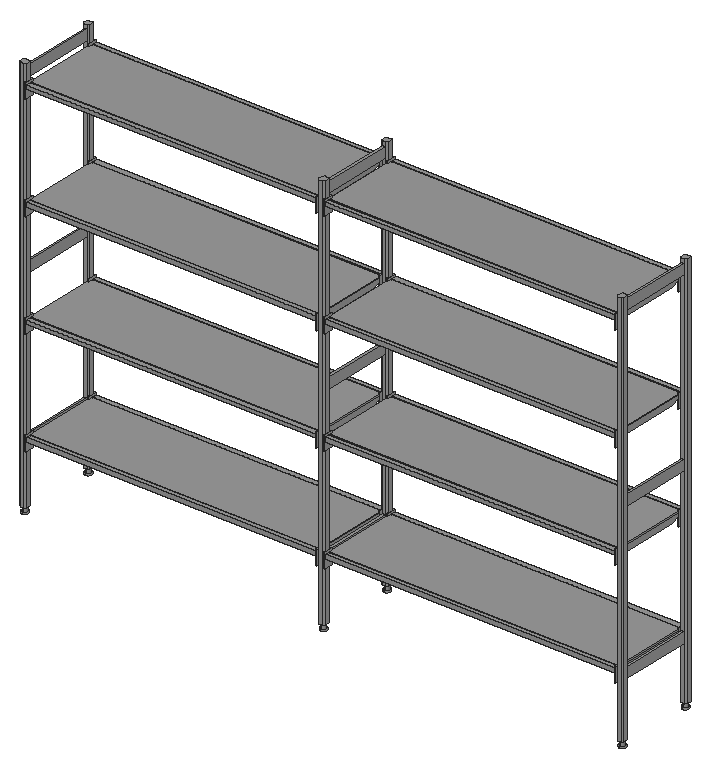
Revit family "QF_ELECTROLUXPROFESSIONAL_137027_ALS2580", category Attrezzature speciali, Revit 2020
Family settings
  Quota connettore circolare = Usa diametro
  Tipo di parte = Normale
  Basato su piano di lavoro = No
  Sempre verticale = Sì
  Taglio con vuoti quando caricato = No
  Condiviso = No
  Punto di calcolo locali = No
Parameters (values of type "Standard")
  Weight = 41.00 kg
  Watts = 0 W
  Volts = 0 V
  URL Manufacturer = "https://www.electroluxprofessional.com/"
  URL = "https://www.electroluxprofessional.com/"
  Steam Supply Size = 0 mm
  Steam Supply Minimum Pressure = 0.0 Pa
  Steam Supply Maximum Pressure = 0.0 Pa
  Steam Consumption per Hour = 0
  Refrigeration Suction Line Size = 0.0 mm
  Refrigeration Liquid Line Size = 0.0 mm
  Refrigerant Compressor Remote = yes
  Prospetto di default = 0.0 mm
  Phase = 0
  Modello = "ALS2580"
  Produttore = "Electrolux Professional"
  Length Actual = 2580.0 mm  # constant formula
  Item Number = "137027"
  Hot Water Size = 0 mm
  Height Actual = 1700.0 mm  # constant formula
  HP = "0 HP"
  Gas Size = 0 mm
  Gas KW = 0
  Gas Input Pressure = 0 W
  Direct Waste Size = 0 mm
  Descrizione = "ALUM.LINEAR SHELV.-POLY.TIERS-373X2580MM"
  Depth Actual = 373.0 mm  # constant formula
  Cycle = 0 Hz
  Condensate Return Size = 0 mm
  Compressed Air Volume = 0.0 L/s
  Compressed Air Size = 0 mm
  Compressed Air Pressure = 0.0 Pa
  Cold Water Size = 0 mm
  Accessory = yes
Reference planes
  plane 1: z = 0
  plane 2 "CenterLeft": x = -31
  plane 3 "LEFT": x = -417
  plane 4 "BACK": y = 23
  plane 5 "FRONT": y = -350
  plane 6 "TOP": z = 1700
  plane 7: x = -385
  plane 8: x = 855
  plane 9 "Center (Front/Back)": y = -163.5
  plane 10: y = -8.5
  plane 11: y = -318.5
  plane 12 "FEET": z = 25
  plane 13: z = 275
  plane 14: z = 725
  plane 15: z = 1175
  plane 16: z = 1625
  plane 17 "CXLeft": x = -403
  plane 18 "Center (Left/Right)": x = 873
  plane 19: y = 5.5
  plane 20 "CYBack": y = 5.5
  plane 21 "CYFront": y = -332.5
  plane 22 "RIGHT": x = 2163
  plane 23: x = 2131
  plane 24 "CXRight": x = 2149
  plane 25: x = 891
Forms (mm)
  Extrusion 1, solid, material "QF_Aluminum"
    sketch origin (-417, 0, -4.006) x (0, 1, 0) y (0, 0, 1)
      loop
        line (-12, 1637.003) -> (4, 1637.003) -> (4, 1655) -> (2.007, 1655) -> (2.007, 1648.501) -> (-329, 1648.501) -> (-329, 1655) -> (-331, 1655) -> (-331, 1637.003) -> (-315, 1637.003) -> (-281, 1625) -> (-46, 1625) -> (-12, 1637.003)
      loop
        line (-12, 1187.003) -> (4, 1187.003) -> (4, 1205) -> (2.007, 1205) -> (2.007, 1198.501) -> (-329, 1198.501) -> (-329, 1205) -> (-331, 1205) -> (-331, 1187.003) -> (-315, 1187.003) -> (-281, 1175) -> (-46, 1175) -> (-12, 1187.003)
      loop
        line (-12, 737.003) -> (4, 737.003) -> (4, 755) -> (2.007, 755) -> (2.007, 748.501) -> (-329, 748.501) -> (-329, 755) -> (-331, 755) -> (-331, 737.003) -> (-315, 737.003) -> (-281, 725) -> (-46, 725) -> (-12, 737.003)
      loop
        line (-12, 287.003) -> (4, 287.003) -> (4, 305) -> (2.007, 305) -> (2.007, 298.501) -> (-329, 298.501) -> (-329, 305) -> (-331, 305) -> (-331, 287.003) -> (-315, 287.003) -> (-281, 275) -> (-46, 275) -> (-12, 287.003)
    from 37 to 32
  Extrusion 2, solid, material "QF_Aluminum"
    sketch origin (-417, 0, 0) x (0, 1, 0) y (0, 0, 1)
      loop
        line (23, 246.005) -> (23, 307.993) -> (-12.993, 307.993) -> (-12.993, 246.005) -> (23, 246.005)
      loop
        line (-350, 246.005) -> (-314.007, 246.005) -> (-314.007, 307.993) -> (-350, 307.993) -> (-350, 246.005)
      loop
        line (23, 696.005) -> (23, 757.993) -> (-12.993, 757.993) -> (-12.993, 696.005) -> (23, 696.005)
      loop
        line (-350, 696.005) -> (-314.007, 696.005) -> (-314.007, 757.993) -> (-350, 757.993) -> (-350, 696.005)
      loop
        line (23, 1146.005) -> (23, 1207.993) -> (-12.993, 1207.993) -> (-12.993, 1146.005) -> (23, 1146.005)
      loop
        line (-350, 1146.005) -> (-314.007, 1146.005) -> (-314.007, 1207.993) -> (-350, 1207.993) -> (-350, 1146.005)
      loop
        line (23, 1596.005) -> (23, 1657.993) -> (-12.993, 1657.993) -> (-12.993, 1596.005) -> (23, 1596.005)
      loop
        line (-350, 1596.005) -> (-314.007, 1596.005) -> (-314.007, 1657.993) -> (-350, 1657.993) -> (-350, 1596.005)
    from 28 to 32
  Extrusion 3, solid, material "QF_Aluminum"
    sketch origin (-417, 0, 0) x (0, 1, 0) y (0, 0, 1)
      loop
        line (4, 1650.994) -> (4, 1632.998) -> (23, 1632.998) -> (23, 1650.994) -> (4, 1650.994)
      loop
        line (-331, 1650.994) -> (-350, 1650.994) -> (-350, 1632.998) -> (-331, 1632.998) -> (-331, 1650.994)
      loop
        line (4, 1200.994) -> (4, 1182.998) -> (23, 1182.998) -> (23, 1200.994) -> (4, 1200.994)
      loop
        line (-331, 1200.994) -> (-350, 1200.994) -> (-350, 1182.998) -> (-331, 1182.998) -> (-331, 1200.994)
      loop
        line (4, 750.994) -> (4, 732.998) -> (23, 732.998) -> (23, 750.994) -> (4, 750.994)
      loop
        line (-331, 750.994) -> (-350, 750.994) -> (-350, 732.998) -> (-331, 732.998) -> (-331, 750.994)
      loop
        line (4, 300.994) -> (4, 282.998) -> (23, 282.998) -> (23, 300.994) -> (4, 300.994)
      loop
        line (-331, 300.994) -> (-350, 300.994) -> (-350, 282.998) -> (-331, 282.998) -> (-331, 300.994)
    from 32 to 1272
  Extrusion 4, solid, material "QF_Polyethylene"
    sketch origin (-417, 0, 0) x (0, 1, 0) y (0, 0, 1)
      loop
        line (2.007, 1650.994) -> (-329, 1650.994) -> (-329, 1644.496) -> (2.007, 1644.496) -> (2.007, 1650.994)
      loop
        line (2.007, 1200.994) -> (-329, 1200.994) -> (-329, 1194.496) -> (2.007, 1194.496) -> (2.007, 1200.994)
      loop
        line (2.007, 750.994) -> (-329, 750.994) -> (-329, 744.496) -> (2.007, 744.496) -> (2.007, 750.994)
      loop
        line (2.007, 300.994) -> (-329, 300.994) -> (-329, 294.496) -> (2.007, 294.496) -> (2.007, 300.994)
    from 32 to 1272
  Extrusion 5, solid, material "QF_Aluminum"
    sketch origin (2163, 0, 0) x (0, 1, 0) y (0, 0, 1)
      loop
        line (4, 1650.994) -> (4, 1632.998) -> (23, 1632.998) -> (23, 1650.994) -> (4, 1650.994)
      loop
        line (-331, 1650.994) -> (-350, 1650.994) -> (-350, 1632.998) -> (-331, 1632.998) -> (-331, 1650.994)
      loop
        line (4, 1200.994) -> (4, 1182.998) -> (23, 1182.998) -> (23, 1200.994) -> (4, 1200.994)
      loop
        line (-331, 1200.994) -> (-350, 1200.994) -> (-350, 1182.998) -> (-331, 1182.998) -> (-331, 1200.994)
      loop
        line (4, 750.994) -> (4, 732.998) -> (23, 732.998) -> (23, 750.994) -> (4, 750.994)
      loop
        line (-331, 750.994) -> (-350, 750.994) -> (-350, 732.998) -> (-331, 732.998) -> (-331, 750.994)
      loop
        line (4, 300.994) -> (4, 282.998) -> (23, 282.998) -> (23, 300.994) -> (4, 300.994)
      loop
        line (-331, 300.994) -> (-350, 300.994) -> (-350, 282.998) -> (-331, 282.998) -> (-331, 300.994)
    from -32 to -1272
  Extrusion 6, solid, material "QF_Polyethylene"
    sketch origin (2163, 0, 0) x (0, 1, 0) y (0, 0, 1)
      loop
        line (2.007, 1650.994) -> (-329, 1650.994) -> (-329, 1644.496) -> (2.007, 1644.496) -> (2.007, 1650.994)
      loop
        line (2.007, 1200.994) -> (-329, 1200.994) -> (-329, 1194.496) -> (2.007, 1194.496) -> (2.007, 1200.994)
      loop
        line (2.007, 750.994) -> (-329, 750.994) -> (-329, 744.496) -> (2.007, 744.496) -> (2.007, 750.994)
      loop
        line (2.007, 300.994) -> (-329, 300.994) -> (-329, 294.496) -> (2.007, 294.496) -> (2.007, 300.994)
    from -32 to -1272
Lines and regions (mm)
  symbolic lines
    curve 1: line (855, 4, 1700) -> (-385, 4, 1700)
    curve 2: line (-408, -8.5, 1700) -> (-408, -318.5, 1700)
    curve 3: line (-398, -318.5, 1700) -> (-398, -8.5, 1700)
    curve 4: line (-389, 23, 1700) -> (859, 23, 1700)
    curve 5: line (-385, -350, 1700) -> (855, -350, 1700)
    curve 6: line (887, 23, 1700) -> (2135, 23, 1700)
    curve 7: line (887, -350, 1700) -> (2135, -350, 1700)
    curve 8: line (-385, -331, 1700) -> (855, -331, 1700)
    curve 9: line (891, -331, 1700) -> (2131, -331, 1700)
    curve 10: line (891, 4, 1700) -> (2131, 4, 1700)
    curve 11: line (2131, -12.993, 1700) -> (2131, -314.007, 1700)
    curve 12: line (855, -12.993, 1700) -> (855, -314.007, 1700)
    curve 13: line (891, -314.007, 1700) -> (891, -12.993, 1700)
    curve 14: line (-385, -12.993, 1700) -> (-385, -314.007, 1700)
Dimensions and locks
  plane 3 "LEFT" to plane 2 "CenterLeft" = 386.0 mm
  locked: plane 6 "TOP" to level at 1700
  locked: plane 4 "BACK" to plane 5 "FRONT" at 373
  locked: plane 7 to plane 8 at 1240
  locked: plane 10 to plane 11 at 310
  equal spacing: plane 10, plane 9 "Center (Front/Back)", plane 11
  equal spacing: plane 4 "BACK", plane 9 "Center (Front/Back)", plane 5 "FRONT"
  plane 12 "FEET" to level = 25.0 mm
  plane 6 "TOP" to plane 12 "FEET" = 1675.0 mm
  plane 13 to plane 12 "FEET" = 250.0 mm
  plane 14 to plane 13 = 450.0 mm
  plane 15 to plane 14 = 450.0 mm
  plane 16 to plane 15 = 450.0 mm
  locked: plane 4 "BACK" to plane 20 "CYBack" at 17.5
  locked: plane 21 "CYFront" to plane 5 "FRONT" at 17.5
  locked: plane 4 "BACK" to Extrusion 1 at 19
  locked: Extrusion 1 to plane 5 "FRONT" at 19
  Extrusion 1 sketch curve to plane 21 "CYFront" = 3.5 mm
  plane 3 "LEFT" to plane 22 "RIGHT" = 2580.0 mm
  locked: plane 25 to plane 23 at 1240
  locked: plane 8 to plane 18 "Center (Left/Right)" at 18
  locked: plane 18 "Center (Left/Right)" to plane 25 at 18
  locked: plane 3 "LEFT" to plane 7 at 32
  locked: plane 24 "CXRight" to plane 22 "RIGHT" at 14
  aligned and locked: level to plane 1
  aligned and locked: plane 7 to Extrusion 1
  aligned and locked: Extrusion 2 to plane 7
  aligned and locked: plane 7 to Extrusion 4
  aligned and locked: Extrusion 4 to plane 8
  aligned and locked: plane 7 to Extrusion 3
  aligned and locked: Extrusion 3 to plane 8
  aligned and locked: Extrusion 3 sketch curve to Extrusion 1
  aligned and locked: Extrusion 1 to Extrusion 3 sketch curve
  aligned and locked: Extrusion 3 sketch curve to Extrusion 3 sketch curve  (x2)
  aligned and locked: Extrusion 1 sketch curve to Extrusion 1 sketch curve  (x3)
  aligned and locked: Extrusion 4 sketch curve to Extrusion 1  (x4)
  aligned and locked: Extrusion 5 sketch curve to Extrusion 5 sketch curve  (x2)
  aligned and locked: Extrusion 5 to plane 25
  aligned and locked: Extrusion 6 to plane 25
  aligned and locked: plane 18 "Center (Left/Right)" to nested 3
  aligned and locked: plane 17 "CXLeft" to nested 1
  aligned and locked: Extrusion 3 to plane 7  (x3)
  aligned and locked: plane 8 to Extrusion 3  (x4)
  aligned and locked: plane 25 to Extrusion 5  (x4)
  aligned and locked: plane 25 to Extrusion 6  (x4)
  aligned and locked: plane 8 to Extrusion 4  (x4)
  aligned and locked: plane 24 "CXRight" to nested 2
  aligned and locked: Extrusion 5 to plane 23
  aligned and locked: Extrusion 6 to plane 23
  aligned and locked: plane 23 to Extrusion 5  (x3)
  aligned and locked: plane 23 to Extrusion 6  (x3)
Automatic sketch dimensions
  plane 21 "CYFront" to Extrusion 1 sketch curve = 1.5 mm  (x4)
  plane 11 to Extrusion 1 sketch curve = 3.5 mm  (x4)
  Extrusion 1 sketch curve to plane 13 = 4.006 mm
  Extrusion 1 sketch curve to Extrusion 1 sketch curve = 34.0 mm  (x4)
  Extrusion 1 sketch curve to plane 14 = 4.006 mm
  Extrusion 1 sketch curve to plane 15 = 4.006 mm
  Extrusion 1 sketch curve to plane 16 = 4.006 mm
  Extrusion 1 sketch curve to plane 10 = 37.5 mm  (x4)
  Extrusion 1 sketch curve to plane 10 = 3.5 mm  (x4)
  plane 19 to Extrusion 1 sketch curve = 3.493 mm  (x4)
  plane 19 to Extrusion 1 sketch curve = 1.5 mm  (x4)
  plane 13 to Extrusion 1 sketch curve = 7.998 mm  (x2)
  Extrusion 1 sketch curve to Extrusion 1 sketch curve = 11.498 mm  (x4)
  Extrusion 1 sketch curve to Extrusion 1 sketch curve = 6.499 mm  (x8)
  plane 14 to Extrusion 1 sketch curve = 7.998 mm  (x2)
  plane 15 to Extrusion 1 sketch curve = 7.998 mm  (x2)
  plane 16 to Extrusion 1 sketch curve = 7.998 mm  (x2)
  Extrusion 2 sketch curve to plane 5 "FRONT" = 0.0 mm  (x4)
  Extrusion 2 sketch curve to plane 4 "BACK" = 0.0 mm  (x4)
  plane 11 to Extrusion 2 sketch curve = 4.493 mm  (x4)
  Extrusion 2 sketch curve to plane 10 = 4.493 mm  (x4)
  Extrusion 2 sketch curve to plane 13 = 28.995 mm  (x2)
  plane 13 to Extrusion 2 sketch curve = 32.993 mm  (x2)
  Extrusion 2 sketch curve to plane 14 = 28.995 mm  (x2)
  plane 14 to Extrusion 2 sketch curve = 32.993 mm  (x2)
  Extrusion 2 sketch curve to plane 15 = 28.995 mm  (x2)
  plane 15 to Extrusion 2 sketch curve = 32.993 mm  (x2)
  Extrusion 2 sketch curve to plane 16 = 28.995 mm  (x2)
  plane 16 to Extrusion 2 sketch curve = 32.993 mm  (x2)
  Extrusion 3 sketch curve to plane 5 "FRONT" = 0.0 mm  (x4)
  Extrusion 3 sketch curve to plane 4 "BACK" = 0.0 mm  (x4)
  plane 19 to Extrusion 3 sketch curve = 1.5 mm  (x4)
  plane 13 to Extrusion 3 sketch curve = 7.998 mm  (x2)
  Extrusion 3 sketch curve to Extrusion 3 sketch curve = 17.997 mm  (x8)
  plane 14 to Extrusion 3 sketch curve = 7.998 mm  (x2)
  plane 15 to Extrusion 3 sketch curve = 7.998 mm  (x2)
  plane 16 to Extrusion 3 sketch curve = 7.998 mm  (x2)
  plane 19 to Extrusion 4 sketch curve = 3.493 mm  (x4)
  plane 13 to Extrusion 4 sketch curve = 19.496 mm
  Extrusion 4 sketch curve to Extrusion 4 sketch curve = 6.499 mm  (x4)
  plane 14 to Extrusion 4 sketch curve = 19.496 mm
  plane 15 to Extrusion 4 sketch curve = 19.496 mm
  plane 16 to Extrusion 4 sketch curve = 19.496 mm
  Extrusion 5 sketch curve to plane 5 "FRONT" = 0.0 mm  (x4)
  Extrusion 5 sketch curve to plane 4 "BACK" = 0.0 mm  (x4)
  plane 21 "CYFront" to Extrusion 5 sketch curve = 1.5 mm  (x2)
  plane 19 to Extrusion 5 sketch curve = 1.5 mm  (x4)
  plane 13 to Extrusion 5 sketch curve = 7.998 mm  (x2)
  Extrusion 5 sketch curve to Extrusion 5 sketch curve = 17.997 mm  (x8)
  plane 14 to Extrusion 5 sketch curve = 7.998 mm  (x2)
  plane 15 to Extrusion 5 sketch curve = 7.998 mm  (x2)
  plane 16 to Extrusion 5 sketch curve = 7.998 mm  (x2)
  plane 21 "CYFront" to Extrusion 6 sketch curve = 3.5 mm  (x4)
  plane 19 to Extrusion 6 sketch curve = 3.493 mm  (x4)
  plane 13 to Extrusion 6 sketch curve = 19.496 mm
  Extrusion 6 sketch curve to Extrusion 6 sketch curve = 6.499 mm  (x4)
  plane 14 to Extrusion 6 sketch curve = 19.496 mm
  plane 15 to Extrusion 6 sketch curve = 19.496 mm
  plane 16 to Extrusion 6 sketch curve = 19.496 mm
  curve 7 to plane 5 "FRONT" = 0.0 mm
  curve 5 to plane 5 "FRONT" = 0.0 mm
  curve 8 to plane 8 = 0.0 mm
  curve 9 to plane 25 = 0.0 mm
  curve 9 to plane 23 = 0.0 mm
  curve 8 to plane 7 = 0.0 mm
  curve 2 to plane 11 = 0.0 mm
  curve 3 to plane 11 = 0.0 mm
  curve 14 to plane 7 = 0.0 mm
  curve 13 to plane 25 = 0.0 mm
  curve 12 to plane 8 = 0.0 mm
  curve 11 to plane 23 = 0.0 mm
  curve 3 to plane 10 = 0.0 mm
  curve 2 to plane 10 = 0.0 mm
  curve 1 to plane 8 = 0.0 mm
  curve 1 to plane 7 = 0.0 mm
  curve 10 to plane 23 = 0.0 mm
  curve 10 to plane 25 = 0.0 mm
  curve 4 to plane 4 "BACK" = 0.0 mm
  curve 6 to plane 4 "BACK" = 0.0 mm
  curve 5 to plane 8 = 0.0 mm
  curve 5 to plane 7 = 0.0 mm
  plane 21 "CYFront" to curve 8 = 1.5 mm
  plane 21 "CYFront" to curve 9 = 1.5 mm
  plane 11 to curve 14 = 4.493 mm
  plane 11 to curve 13 = 4.493 mm
  plane 11 to curve 12 = 4.493 mm
  plane 11 to curve 11 = 4.493 mm
  curve 14 to plane 10 = 4.493 mm
  curve 13 to plane 10 = 4.493 mm
  curve 12 to plane 10 = 4.493 mm
  curve 11 to plane 10 = 4.493 mm
  plane 19 to curve 1 = 1.5 mm
  plane 19 to curve 10 = 1.5 mm
  curve 6 to plane 23 = 4.0 mm
  curve 7 to plane 23 = 4.0 mm
  curve 6 to plane 25 = 4.0 mm
  curve 7 to plane 25 = 4.0 mm
  curve 4 to plane 8 = 4.0 mm
  plane 7 to curve 4 = 4.0 mm
  plane 17 "CXLeft" to curve 3 = 5.0 mm
  curve 2 to plane 17 "CXLeft" = 5.0 mm
Nested families
  nested 1: "WT_Anta373" at (0, 0, 0), type "WT_Anta373"
  nested 2: "WT_Anta373" at (1746, 0, 0) x (-1, 0, 0) z (0, 0, 1), type "WT_Anta373"
  nested 3: "WT_Anta373Center" at (1276, 0, 0), type "WT_Anta373Center"
Definition of nested family "WT_Anta373"
  Parameters
    WidthLeft = A + 64.0 mm  # 772.0 mm
    Width = 1606.0 mm
    Right = WidthLeft / 2  # 386.0 mm
    Default Elevation = 0.0 mm
    Left = -WidthLeft / 2  # -386.0 mm
    Height = 1725.0 mm
    FEET = 25.0 mm
    E = 0.0 mm
    Dint = Depth - 63.0 mm  # 310.0 mm
    Dext = Depth - 8.0 mm  # 365.0 mm
    Depth = 373.0 mm
    DX = (WidthLeft - A) / 2  # 32.0 mm
    B = 798.0 mm
    A = 708.0 mm
  Reference planes
    plane 1: z = 0
    plane 2 "LEFT": x = -417
    plane 3 "BACK": y = 23
    plane 4 "FRONT": y = -350
    plane 5 "TOP": z = 1725
    plane 6 "Center (Front/Back)": y = -163.5
    plane 7: y = -8.5
    plane 8: y = -318.5
    plane 9 "FEET": z = 25
    plane 10: z = 275
    plane 11: z = 725
    plane 12: z = 1175
    plane 13: z = 1625
    plane 14 "CXLeft": x = -403
    plane 15: y = 5.5
    plane 16 "CYBack": y = 5.5
    plane 17 "CYFront": y = -332.5
    plane 18: x = -385.031
    plane 19: x = -380.031
  Forms (mm)
    Extrusion 1, solid
      sketch origin (0, 0, 0) x (1, 0, 0) y (0, 1, 0)
        loop
          line (-417, 13.246) -> (-417, -2.246) -> (-410.746, -8.5) -> (-395.254, -8.5) -> (-389, -2.246) -> (-389, 13.246) -> (-395.254, 19.5) -> (-410.746, 19.5) -> (-417, 13.246)
      from 1725 to 25
    Extrusion 2, solid
      sketch origin (-417, 0, 0) x (0, 1, 0) y (0, 0, 1)
        loop
          line (23, 246.005) -> (23, 307.993) -> (-12.993, 307.993) -> (-12.993, 246.005) -> (23, 246.005)
        loop
          line (-350, 246.005) -> (-314.007, 246.005) -> (-314.007, 307.993) -> (-350, 307.993) -> (-350, 246.005)
        loop
          line (23, 696.005) -> (23, 757.993) -> (-12.993, 757.993) -> (-12.993, 696.005) -> (23, 696.005)
        loop
          line (-350, 696.005) -> (-314.007, 696.005) -> (-314.007, 757.993) -> (-350, 757.993) -> (-350, 696.005)
        loop
          line (23, 1146.005) -> (23, 1207.993) -> (-12.993, 1207.993) -> (-12.993, 1146.005) -> (23, 1146.005)
        loop
          line (-350, 1146.005) -> (-314.007, 1146.005) -> (-314.007, 1207.993) -> (-350, 1207.993) -> (-350, 1146.005)
        loop
          line (23, 1596.005) -> (23, 1657.993) -> (-12.993, 1657.993) -> (-12.993, 1596.005) -> (23, 1596.005)
        loop
          line (-350, 1596.005) -> (-314.007, 1596.005) -> (-314.007, 1657.993) -> (-350, 1657.993) -> (-350, 1596.005)
      from 28 to 32
    Revolve 3, solid
      sketch origin (-403, 0, 0) x (0, 1, 0) y (0, 0, 1)
        loop
          line (5.5, 25) -> (5.5, 0) -> (19, 0) -> (19, 5) -> (14, 5) -> (14, 25) -> (5.5, 25)
        axis (5.5, 25) -> (5.5, 0)
      angle from 0 to 360
    Extrusion 4, solid
      sketch origin (-403, 0, 0) x (0, 1, 0) y (0, 0, 1)
        loop
          line (-8.5, 912.382) -> (-8.5, 957.374) -> (-318.5, 957.374) -> (-318.5, 912.382) -> (-8.5, 912.382)
        loop
          line (-8.5, 1662.244) -> (-8.5, 1707.236) -> (-318.5, 1707.236) -> (-318.5, 1662.244) -> (-8.5, 1662.244)
      from -5 to 5
    Revolve 5, solid
      sketch origin (-403, -627, 0) x (0, -1, 0) y (0, 0, 1)
        loop
          line (-294.5, 25) -> (-294.5, 0) -> (-281, 0) -> (-281, 5) -> (-286, 5) -> (-286, 25) -> (-294.5, 25)
        axis (-294.5, 25) -> (-294.5, 0)
      angle from 0 to 360
    Extrusion 6, solid
      sketch origin (0, -627, 0) x (1, 0, 0) y (0, 1, 0)
        loop
          line (-417, 286.754) -> (-410.746, 280.5) -> (-395.254, 280.5) -> (-389, 286.754) -> (-389, 302.246) -> (-395.254, 308.5) -> (-410.746, 308.5) -> (-417, 302.246) -> (-417, 286.754)
      from 1725 to 25
    Extrusion 7, solid
      sketch origin (-417.031, -0.022, 0) x (0, 1, 0) y (0, 0, -1)
        loop
          line (-12, -1632.998) -> (-46, -1620.994) -> (-281, -1620.994) -> (-315, -1632.998) -> (-331, -1632.998) -> (-331, -1650.994) -> (-329, -1650.994) -> (-329, -1644.496) -> (2.007, -1644.496) -> (2.007, -1650.994) -> (4, -1650.994) -> (4, -1632.998) -> (-12, -1632.998)
        loop
          line (-12, -1182.998) -> (-46, -1170.994) -> (-281, -1170.994) -> (-315, -1182.998) -> (-331, -1182.998) -> (-331, -1200.994) -> (-329, -1200.994) -> (-329, -1194.496) -> (2.007, -1194.496) -> (2.007, -1200.994) -> (4, -1200.994) -> (4, -1182.998) -> (-12, -1182.998)
        loop
          line (-12, -732.998) -> (-46, -720.994) -> (-281, -720.994) -> (-315, -732.998) -> (-331, -732.998) -> (-331, -750.994) -> (-329, -750.994) -> (-329, -744.496) -> (2.007, -744.496) -> (2.007, -750.994) -> (4, -750.994) -> (4, -732.998) -> (-12, -732.998)
        loop
          line (-12, -282.998) -> (-46, -270.994) -> (-281, -270.994) -> (-315, -282.998) -> (-331, -282.998) -> (-331, -300.994) -> (-329, -300.994) -> (-329, -294.496) -> (2.007, -294.496) -> (2.007, -300.994) -> (4, -300.994) -> (4, -282.998) -> (-12, -282.998)
      from -32 to -37
    Extrusion 8, solid
      sketch origin (-403, 0, -659.878) x (0, 1, 0) y (0, 0, 1)
        loop
          line (-8.5, 912.382) -> (-8.5, 957.374) -> (-318.5, 957.374) -> (-318.5, 912.382) -> (-8.5, 912.382)
        loop
          line (-8.5, 1572.382) -> (-8.5, 1617.374) -> (-318.5, 1617.374) -> (-318.5, 1572.382) -> (-8.5, 1572.382)
        loop
          line (-8.5, 2322.382) -> (-8.5, 2367.374) -> (-318.5, 2367.374) -> (-318.5, 2322.382) -> (-8.5, 2322.382)
      from -5 to 5
  Lines and regions (mm)
    symbolic lines
      curve 1: line (-408, -8.5, 1725) -> (-408, -318.5, 1725)
      curve 2: line (-398, -318.5, 1725) -> (-398, -8.5, 1725)
      curve 3: line (-395.254, -8.5, 1725) -> (-410.746, -8.5, 1725)
      curve 4: line (-417, -2.246, 1725) -> (-410.746, -8.5, 1725)
      curve 5: line (-417, 13.246, 1725) -> (-417, -2.246, 1725)
      curve 6: line (-410.746, 19.5, 1725) -> (-417, 13.246, 1725)
      curve 7: line (-395.254, 19.5, 1725) -> (-410.746, 19.5, 1725)
      curve 8: line (-389, 13.246, 1725) -> (-395.254, 19.5, 1725)
      curve 9: line (-395.254, -8.5, 1725) -> (-389, -2.246, 1725)
      curve 10: line (-395.254, -318.5, 1725) -> (-410.746, -318.5, 1725)
      curve 11: line (-417, -324.754, 1725) -> (-410.746, -318.5, 1725)
      curve 12: line (-410.746, -346.5, 1725) -> (-417, -340.246, 1725)
      curve 13: line (-395.254, -346.5, 1725) -> (-410.746, -346.5, 1725)
      curve 14: line (-389, -340.246, 1725) -> (-395.254, -346.5, 1725)
      curve 15: line (-395.254, -318.5, 1725) -> (-389, -324.754, 1725)
      curve 16: line (-389, -350, 1725) -> (-389, -314.007, 1725)
      curve 17: line (-389, -314.007, 1725) -> (-385, -314.007, 1725)
      curve 18: line (-389, 23, 1725) -> (-389, -12.993, 1725)
      curve 19: line (-389, -12.993, 1725) -> (-385, -12.993, 1725)
      curve 20: line (-417, -324.754, 1725) -> (-417, -340.246, 1725)
      curve 21: line (-385, -350, 1725) -> (-385, -314.007, 1725)
      curve 22: line (-385, -350, 1725) -> (-389, -350, 1725)
      curve 23: line (-385, 23, 1725) -> (-389, 23, 1725)
      curve 24: line (-385, -12.993, 1725) -> (-385, 23, 1725)
      curve 25: line (-385.031, -13.016, 1725) -> (-385.031, -314.029, 1725)
  Dimensions and locks
    "Height": plane 5 "TOP" to level
    "Depth": plane 3 "BACK" to plane 4 "FRONT"
    "Dint": plane 7 to plane 8
    equal spacing: plane 7, plane 6 "Center (Front/Back)", plane 8
    equal spacing: plane 3 "BACK", plane 6 "Center (Front/Back)", plane 4 "FRONT"
    plane 9 "FEET" to level = 25.0 mm
    plane 5 "TOP" to plane 9 "FEET" = 1700.0 mm
    plane 10 to plane 9 "FEET" = 250.0 mm
    plane 11 to plane 10 = 450.0 mm
    plane 12 to plane 11 = 450.0 mm
    plane 13 to plane 12 = 450.0 mm
    locked: plane 2 "LEFT" to plane 14 "CXLeft" at 14
    locked: plane 3 "BACK" to plane 16 "CYBack" at 17.5
    locked: plane 17 "CYFront" to plane 4 "FRONT" at 17.5
    locked: Revolve 3 sketch curve to Revolve 3 sketch curve at 8.5
    locked: Revolve 3 sketch curve to plane 16 "CYBack" at 13.5
    locked: Revolve 5 sketch curve to Revolve 5 sketch curve at 8.5
    aligned and locked: level to plane 1
    aligned and locked: curve 20 to Extrusion 6
    aligned and locked: plane 5 "TOP" to Extrusion 1
    aligned and locked: plane 5 "TOP" to Extrusion 6
    aligned and locked: Extrusion 7 sketch curve to Extrusion 7 sketch curve  (x3)
  Automatic sketch dimensions
    curve 16 to plane 4 "FRONT" = 0.0 mm
    curve 11 to plane 8 = 0.0 mm
    curve 9 to plane 7 = 0.0 mm
    curve 5 to plane 2 "LEFT" = 0.0 mm
    curve 23 to plane 3 "BACK" = 0.0 mm
    plane 4 "FRONT" to curve 13 = 3.5 mm
    curve 20 to plane 17 "CYFront" = 7.746 mm
    curve 20 to plane 8 = 6.254 mm
    plane 8 to curve 16 = 4.493 mm
    curve 24 to plane 18 = 0.031 mm
    curve 24 to plane 7 = 4.493 mm
    plane 7 to curve 5 = 6.254 mm
    curve 5 to plane 15 = 7.746 mm
    curve 6 to plane 3 "BACK" = 3.5 mm
    curve 21 to plane 18 = 0.031 mm
    plane 18 to curve 23 = 3.969 mm
    plane 18 to curve 16 = 3.969 mm
    curve 18 to curve 8 = 6.254 mm
    curve 18 to curve 3 = 6.254 mm
    curve 16 to curve 13 = 6.254 mm
    curve 16 to curve 15 = 6.254 mm
    plane 2 "LEFT" to curve 10 = 6.254 mm
    plane 2 "LEFT" to curve 7 = 6.254 mm
    plane 2 "LEFT" to curve 12 = 6.254 mm
    plane 2 "LEFT" to curve 3 = 6.254 mm
    curve 14 to plane 17 "CYFront" = 7.746 mm
    curve 15 to plane 8 = 6.254 mm
    plane 7 to curve 9 = 6.254 mm
    curve 8 to plane 15 = 7.746 mm
    curve 3 to curve 2 = 2.746 mm
    curve 1 to curve 10 = 2.746 mm
    Extrusion 1 sketch curve to plane 2 "LEFT" = 0.0 mm
    Extrusion 1 sketch curve to plane 7 = 0.0 mm
    plane 2 "LEFT" to Extrusion 1 sketch curve = 6.254 mm  (x2)
    plane 14 "CXLeft" to Extrusion 1 sketch curve = 7.746 mm  (x2)
    Extrusion 1 sketch curve to plane 3 "BACK" = 3.5 mm
    plane 18 to Extrusion 1 sketch curve = 3.969 mm
    plane 7 to Extrusion 1 sketch curve = 6.254 mm  (x2)
    Extrusion 1 sketch curve to plane 15 = 7.746 mm  (x2)
    Extrusion 2 sketch curve to plane 4 "FRONT" = 0.0 mm  (x4)
    Extrusion 2 sketch curve to plane 3 "BACK" = 0.0 mm  (x4)
    plane 8 to Extrusion 2 sketch curve = 4.493 mm  (x4)
    Extrusion 2 sketch curve to plane 7 = 4.493 mm  (x4)
    Extrusion 2 sketch curve to plane 10 = 28.995 mm  (x2)
    plane 10 to Extrusion 2 sketch curve = 32.993 mm  (x2)
    Extrusion 2 sketch curve to plane 11 = 28.995 mm  (x2)
    plane 11 to Extrusion 2 sketch curve = 32.993 mm  (x2)
    Extrusion 2 sketch curve to plane 12 = 28.995 mm  (x2)
    plane 12 to Extrusion 2 sketch curve = 32.993 mm  (x2)
    Extrusion 2 sketch curve to plane 13 = 28.995 mm  (x2)
    plane 13 to Extrusion 2 sketch curve = 32.993 mm  (x2)
    Revolve 3 sketch curve to plane 9 "FEET" = 0.0 mm  (x2)
    Revolve 3 sketch curve to plane 15 = 0.0 mm  (x2)
    Revolve 3 sketch curve to level = 0.0 mm
    level to Revolve 3 sketch curve = 5.0 mm
    Revolve 3 sketch curve to Revolve 3 sketch curve = 11.655 mm
    Extrusion 4 sketch curve to plane 8 = 0.0 mm  (x2)
    Extrusion 4 sketch curve to plane 7 = 0.0 mm  (x2)
    plane 11 to Extrusion 4 sketch curve = 187.382 mm
    Extrusion 4 sketch curve to Extrusion 4 sketch curve = 44.992 mm
    plane 13 to Extrusion 4 sketch curve = 37.244 mm
    Extrusion 4 sketch curve to plane 5 "TOP" = 17.764 mm
    Revolve 5 sketch curve to plane 9 "FEET" = 0.0 mm  (x2)
    Revolve 5 sketch curve to plane 17 "CYFront" = 0.0 mm  (x2)
    Revolve 5 sketch curve to level = 0.0 mm
    Revolve 5 sketch curve to plane 4 "FRONT" = 4.0 mm
    Revolve 5 sketch curve to Revolve 5 sketch curve = 5.0 mm
    level to Revolve 5 sketch curve = 11.655 mm
    Extrusion 6 sketch curve to plane 2 "LEFT" = 0.0 mm
    Extrusion 6 sketch curve to plane 8 = 0.0 mm
    Extrusion 6 sketch curve to plane 2 "LEFT" = 6.254 mm  (x2)
    Extrusion 6 sketch curve to plane 14 "CXLeft" = 7.746 mm  (x2)
    Extrusion 6 sketch curve to plane 4 "FRONT" = 3.5 mm
    Extrusion 6 sketch curve to plane 18 = 3.969 mm
    plane 8 to Extrusion 6 sketch curve = 6.254 mm  (x2)
    plane 17 "CYFront" to Extrusion 6 sketch curve = 7.746 mm  (x2)
    plane 17 "CYFront" to Extrusion 7 sketch curve = 1.478 mm  (x4)
    Extrusion 7 sketch curve to Extrusion 7 sketch curve = 2.0 mm
    plane 8 to Extrusion 7 sketch curve = 3.478 mm  (x4)
    Extrusion 7 sketch curve to plane 10 = 4.006 mm
    Extrusion 7 sketch curve to Extrusion 7 sketch curve = 34.0 mm  (x4)
    Extrusion 7 sketch curve to plane 11 = 4.006 mm
    Extrusion 7 sketch curve to plane 12 = 4.006 mm
    Extrusion 7 sketch curve to plane 13 = 4.006 mm
    Extrusion 7 sketch curve to plane 7 = 37.522 mm  (x4)
    Extrusion 7 sketch curve to plane 7 = 3.522 mm  (x4)
    plane 15 to Extrusion 7 sketch curve = 3.516 mm  (x4)
    plane 15 to Extrusion 7 sketch curve = 1.522 mm  (x4)
    plane 13 to Extrusion 7 sketch curve = 7.998 mm  (x2)
    Extrusion 7 sketch curve to Extrusion 7 sketch curve = 11.498 mm
    Extrusion 7 sketch curve to Extrusion 7 sketch curve = 6.499 mm  (x5)
    plane 12 to Extrusion 7 sketch curve = 25.994 mm  (x2)
    plane 12 to Extrusion 7 sketch curve = 7.998 mm  (x2)
    plane 11 to Extrusion 7 sketch curve = 25.994 mm  (x2)
    plane 11 to Extrusion 7 sketch curve = 7.998 mm  (x2)
    plane 10 to Extrusion 7 sketch curve = 25.994 mm  (x2)
    plane 10 to Extrusion 7 sketch curve = 7.998 mm  (x2)
    curve 25 to plane 18 = 0.0 mm
    plane 8 to curve 25 = 4.471 mm
    curve 25 to plane 7 = 4.516 mm
    Extrusion 8 sketch curve to plane 8 = 0.0 mm  (x3)
    Extrusion 8 sketch curve to plane 7 = 0.0 mm  (x3)
    Extrusion 8 sketch curve to plane 10 = 22.496 mm
    plane 10 to Extrusion 8 sketch curve = 22.496 mm
    plane 11 to Extrusion 8 sketch curve = 187.504 mm
    Extrusion 8 sketch curve to Extrusion 8 sketch curve = 44.992 mm
    plane 13 to Extrusion 8 sketch curve = 37.504 mm
    Extrusion 8 sketch curve to plane 5 "TOP" = 17.504 mm
Definition of nested family "WT_Anta373Center"
  Parameters
    WidthLeft = A + 64.0 mm  # 772.0 mm
    Width = 1606.0 mm
    Right = WidthLeft / 2  # 386.0 mm
    Default Elevation = 0.0 mm
    Left = -WidthLeft / 2  # -386.0 mm
    Height = 1725.0 mm
    FEET = 25.0 mm
    E = 0.0 mm
    Dint = Depth - 63.0 mm  # 310.0 mm
    Dext = Depth - 8.0 mm  # 365.0 mm
    Depth = 373.0 mm
    DX = (WidthLeft - A) / 2  # 32.0 mm
    B = 798.0 mm
    A = 708.0 mm
  Reference planes
    plane 1: z = 0
    plane 2 "L": x = -417
    plane 3 "BACK": y = 23
    plane 4 "FRONT": y = -350
    plane 5 "TOP": z = 1725
    plane 6 "Center (Front/Back)": y = -163.5
    plane 7: y = -8.5
    plane 8: y = -318.5
    plane 9 "FEET": z = 25
    plane 10: z = 275
    plane 11: z = 725
    plane 12: z = 1175
    plane 13: z = 1625
    plane 14 "CXLeft": x = -403
    plane 15: y = 5.5
    plane 16 "CYBack": y = 5.5
    plane 17 "CYFront": y = -332.5
    plane 18: x = -385.031
    plane 19 "RIGHT": x = -380.031
    plane 20: x = -420.969
    plane 21 "LEFT": x = -425.969
  Forms (mm)
    Extrusion 1, solid
      sketch origin (0, 0, 0) x (1, 0, 0) y (0, 1, 0)
        loop
          line (-417, 13.246) -> (-417, -2.246) -> (-410.746, -8.5) -> (-395.254, -8.5) -> (-389, -2.246) -> (-389, 13.246) -> (-395.254, 19.5) -> (-410.746, 19.5) -> (-417, 13.246)
      from 1725 to 25
    Extrusion 2, solid
      sketch origin (-417, 0, 0) x (0, 1, 0) y (0, 0, 1)
        loop
          line (23, 246.005) -> (23, 307.993) -> (-12.993, 307.993) -> (-12.993, 246.005) -> (23, 246.005)
        loop
          line (-350, 246.005) -> (-314.007, 246.005) -> (-314.007, 307.993) -> (-350, 307.993) -> (-350, 246.005)
        loop
          line (23, 696.005) -> (23, 757.993) -> (-12.993, 757.993) -> (-12.993, 696.005) -> (23, 696.005)
        loop
          line (-350, 696.005) -> (-314.007, 696.005) -> (-314.007, 757.993) -> (-350, 757.993) -> (-350, 696.005)
        loop
          line (23, 1146.005) -> (23, 1207.993) -> (-12.993, 1207.993) -> (-12.993, 1146.005) -> (23, 1146.005)
        loop
          line (-350, 1146.005) -> (-314.007, 1146.005) -> (-314.007, 1207.993) -> (-350, 1207.993) -> (-350, 1146.005)
        loop
          line (23, 1596.005) -> (23, 1657.993) -> (-12.993, 1657.993) -> (-12.993, 1596.005) -> (23, 1596.005)
        loop
          line (-350, 1596.005) -> (-314.007, 1596.005) -> (-314.007, 1657.993) -> (-350, 1657.993) -> (-350, 1596.005)
      from 28 to 32
    Revolve 3, solid
      sketch origin (-403, 0, 0) x (0, 1, 0) y (0, 0, 1)
        loop
          line (5.5, 25) -> (5.5, 0) -> (19, 0) -> (19, 5) -> (14, 5) -> (14, 25) -> (5.5, 25)
        axis (5.5, 25) -> (5.5, 0)
      angle from 0 to 360
    Extrusion 4, solid
      sketch origin (-403, 0, 0) x (0, 1, 0) y (0, 0, 1)
        loop
          line (-8.5, 912.382) -> (-8.5, 957.374) -> (-318.5, 957.374) -> (-318.5, 912.382) -> (-8.5, 912.382)
        loop
          line (-8.5, 1662.244) -> (-8.5, 1707.236) -> (-318.5, 1707.236) -> (-318.5, 1662.244) -> (-8.5, 1662.244)
      from -5 to 5
    Revolve 5, solid
      sketch origin (-403, -627, 0) x (0, -1, 0) y (0, 0, 1)
        loop
          line (-294.5, 25) -> (-294.5, 0) -> (-281, 0) -> (-281, 5) -> (-286, 5) -> (-286, 25) -> (-294.5, 25)
        axis (-294.5, 25) -> (-294.5, 0)
      angle from 0 to 360
    Extrusion 6, solid
      sketch origin (0, -627, 0) x (1, 0, 0) y (0, 1, 0)
        loop
          line (-417, 286.754) -> (-410.746, 280.5) -> (-395.254, 280.5) -> (-389, 286.754) -> (-389, 302.246) -> (-395.254, 308.5) -> (-410.746, 308.5) -> (-417, 302.246) -> (-417, 286.754)
      from 1725 to 25
    Extrusion 7, solid
      sketch origin (-417.031, -0.022, 0) x (0, 1, 0) y (0, 0, -1)
        loop
          line (-12, -1632.998) -> (-46, -1620.994) -> (-281, -1620.994) -> (-315, -1632.998) -> (-331, -1632.998) -> (-331, -1650.994) -> (-329, -1650.994) -> (-329, -1644.496) -> (2.007, -1644.496) -> (2.007, -1650.994) -> (4, -1650.994) -> (4, -1632.998) -> (-12, -1632.998)
        loop
          line (-12, -1182.998) -> (-46, -1170.994) -> (-281, -1170.994) -> (-315, -1182.998) -> (-331, -1182.998) -> (-331, -1200.994) -> (-329, -1200.994) -> (-329, -1194.496) -> (2.007, -1194.496) -> (2.007, -1200.994) -> (4, -1200.994) -> (4, -1182.998) -> (-12, -1182.998)
        loop
          line (-12, -732.998) -> (-46, -720.994) -> (-281, -720.994) -> (-315, -732.998) -> (-331, -732.998) -> (-331, -750.994) -> (-329, -750.994) -> (-329, -744.496) -> (2.007, -744.496) -> (2.007, -750.994) -> (4, -750.994) -> (4, -732.998) -> (-12, -732.998)
        loop
          line (-12, -282.998) -> (-46, -270.994) -> (-281, -270.994) -> (-315, -282.998) -> (-331, -282.998) -> (-331, -300.994) -> (-329, -300.994) -> (-329, -294.496) -> (2.007, -294.496) -> (2.007, -300.994) -> (4, -300.994) -> (4, -282.998) -> (-12, -282.998)
      from -32 to -37
    Extrusion 8, solid
      sketch origin (-403, 0, -659.878) x (0, 1, 0) y (0, 0, 1)
        loop
          line (-8.5, 912.382) -> (-8.5, 957.374) -> (-318.5, 957.374) -> (-318.5, 912.382) -> (-8.5, 912.382)
        loop
          line (-8.5, 1572.382) -> (-8.5, 1617.374) -> (-318.5, 1617.374) -> (-318.5, 1572.382) -> (-8.5, 1572.382)
        loop
          line (-8.5, 2322.382) -> (-8.5, 2367.374) -> (-318.5, 2367.374) -> (-318.5, 2322.382) -> (-8.5, 2322.382)
      from -5 to 5
    Extrusion 9, solid
      sketch origin (-389, 0, 0) x (0, 1, 0) y (0, 0, -1)
        loop
          line (23, -246.005) -> (-12.993, -246.005) -> (-12.993, -307.993) -> (23, -307.993) -> (23, -246.005)
        loop
          line (-350, -246.005) -> (-350, -307.993) -> (-314.007, -307.993) -> (-314.007, -246.005) -> (-350, -246.005)
        loop
          line (23, -696.005) -> (-12.993, -696.005) -> (-12.993, -757.993) -> (23, -757.993) -> (23, -696.005)
        loop
          line (-350, -696.005) -> (-350, -757.993) -> (-314.007, -757.993) -> (-314.007, -696.005) -> (-350, -696.005)
        loop
          line (23, -1146.005) -> (-12.993, -1146.005) -> (-12.993, -1207.993) -> (23, -1207.993) -> (23, -1146.005)
        loop
          line (-350, -1146.005) -> (-350, -1207.993) -> (-314.007, -1207.993) -> (-314.007, -1146.005) -> (-350, -1146.005)
        loop
          line (23, -1596.005) -> (-12.993, -1596.005) -> (-12.993, -1657.993) -> (23, -1657.993) -> (23, -1596.005)
        loop
          line (-350, -1596.005) -> (-350, -1657.993) -> (-314.007, -1657.993) -> (-314.007, -1596.005) -> (-350, -1596.005)
      from 28 to 32
    Extrusion 10, solid
      sketch origin (-388.969, -0.022, 0) x (0, 1, 0) y (0, 0, 1)
        loop
          line (-12, 1632.998) -> (4, 1632.998) -> (4, 1650.994) -> (2.007, 1650.994) -> (2.007, 1644.496) -> (-329, 1644.496) -> (-329, 1650.994) -> (-331, 1650.994) -> (-331, 1632.998) -> (-315, 1632.998) -> (-281, 1620.994) -> (-46, 1620.994) -> (-12, 1632.998)
        loop
          line (-12, 1182.998) -> (4, 1182.998) -> (4, 1200.994) -> (2.007, 1200.994) -> (2.007, 1194.496) -> (-329, 1194.496) -> (-329, 1200.994) -> (-331, 1200.994) -> (-331, 1182.998) -> (-315, 1182.998) -> (-281, 1170.994) -> (-46, 1170.994) -> (-12, 1182.998)
        loop
          line (-12, 732.998) -> (4, 732.998) -> (4, 750.994) -> (2.007, 750.994) -> (2.007, 744.496) -> (-329, 744.496) -> (-329, 750.994) -> (-331, 750.994) -> (-331, 732.998) -> (-315, 732.998) -> (-281, 720.994) -> (-46, 720.994) -> (-12, 732.998)
        loop
          line (-12, 282.998) -> (4, 282.998) -> (4, 300.994) -> (2.007, 300.994) -> (2.007, 294.496) -> (-329, 294.496) -> (-329, 300.994) -> (-331, 300.994) -> (-331, 282.998) -> (-315, 282.998) -> (-281, 270.994) -> (-46, 270.994) -> (-12, 282.998)
      from -32 to -37
  Lines and regions (mm)
    symbolic lines
      curve 1: line (-408, -8.5, 1725) -> (-408, -318.5, 1725)
      curve 2: line (-398, -318.5, 1725) -> (-398, -8.5, 1725)
      curve 3: line (-395.254, -8.5, 1725) -> (-410.746, -8.5, 1725)
      curve 4: line (-417, -2.246, 1725) -> (-410.746, -8.5, 1725)
      curve 5: line (-410.746, 19.5, 1725) -> (-417, 13.246, 1725)
      curve 6: line (-395.254, 19.5, 1725) -> (-410.746, 19.5, 1725)
      curve 7: line (-389, 13.246, 1725) -> (-395.254, 19.5, 1725)
      curve 8: line (-395.254, -8.5, 1725) -> (-389, -2.246, 1725)
      curve 9: line (-395.254, -318.5, 1725) -> (-410.746, -318.5, 1725)
      curve 10: line (-417, -324.754, 1725) -> (-410.746, -318.5, 1725)
      curve 11: line (-410.746, -346.5, 1725) -> (-417, -340.246, 1725)
      curve 12: line (-395.254, -346.5, 1725) -> (-410.746, -346.5, 1725)
      curve 13: line (-389, -340.246, 1725) -> (-395.254, -346.5, 1725)
      curve 14: line (-395.254, -318.5, 1725) -> (-389, -324.754, 1725)
      curve 15: line (-389, -350, 1725) -> (-389, -314.007, 1725)
      curve 16: line (-389, -314.007, 1725) -> (-385, -314.007, 1725)
      curve 17: line (-389, 23, 1725) -> (-389, -12.993, 1725)
      curve 18: line (-389, -12.993, 1725) -> (-385, -12.993, 1725)
      curve 19: line (-385, -350, 1725) -> (-385, -314.007, 1725)
      curve 20: line (-385, -350, 1725) -> (-389, -350, 1725)
      curve 21: line (-385, 23, 1725) -> (-389, 23, 1725)
      curve 22: line (-385, -12.993, 1725) -> (-385, 23, 1725)
      curve 23: line (-385.031, -13.016, 1725) -> (-385.031, -314.029, 1725)
      curve 24: line (-417, -350, 1725) -> (-417, -314.007, 1725)
      curve 25: line (-417, -314.007, 1725) -> (-421, -314.007, 1725)
      curve 26: line (-417, 23, 1725) -> (-417, -12.993, 1725)
      curve 27: line (-417, -12.993, 1725) -> (-421, -12.993, 1725)
      curve 28: line (-421, -350, 1725) -> (-421, -314.007, 1725)
      curve 29: line (-421, -350, 1725) -> (-417, -350, 1725)
      curve 30: line (-421, 23, 1725) -> (-417, 23, 1725)
      curve 31: line (-421, -12.993, 1725) -> (-421, 23, 1725)
      curve 32: line (-420.969, -13.016, 1725) -> (-420.969, -314.029, 1725)
  Dimensions and locks
    "Height": plane 5 "TOP" to level
    "Depth": plane 3 "BACK" to plane 4 "FRONT"
    "Dint": plane 7 to plane 8
    equal spacing: plane 7, plane 6 "Center (Front/Back)", plane 8
    equal spacing: plane 3 "BACK", plane 6 "Center (Front/Back)", plane 4 "FRONT"
    plane 9 "FEET" to level = 25.0 mm
    plane 5 "TOP" to plane 9 "FEET" = 1700.0 mm
    plane 10 to plane 9 "FEET" = 250.0 mm
    plane 11 to plane 10 = 450.0 mm
    plane 12 to plane 11 = 450.0 mm
    plane 13 to plane 12 = 450.0 mm
    locked: plane 3 "BACK" to plane 16 "CYBack" at 17.5
    locked: plane 17 "CYFront" to plane 4 "FRONT" at 17.5
    locked: Revolve 3 sketch curve to Revolve 3 sketch curve at 8.5
    locked: Revolve 3 sketch curve to plane 16 "CYBack" at 13.5
    locked: Revolve 5 sketch curve to Revolve 5 sketch curve at 8.5
    aligned and locked: level to plane 1
    aligned and locked: plane 5 "TOP" to Extrusion 1
    aligned and locked: plane 5 "TOP" to Extrusion 6
    aligned and locked: Extrusion 7 sketch curve to Extrusion 7 sketch curve  (x3)
    aligned and locked: Extrusion 10 sketch curve to Extrusion 10 sketch curve  (x3)
  Automatic sketch dimensions
    curve 15 to plane 4 "FRONT" = 0.0 mm
    curve 28 to plane 4 "FRONT" = 0.0 mm
    curve 9 to plane 8 = 0.0 mm
    curve 25 to plane 2 "L" = 0.0 mm
    curve 8 to plane 7 = 0.0 mm
    curve 17 to plane 3 "BACK" = 0.0 mm
    curve 30 to plane 3 "BACK" = 0.0 mm
    plane 4 "FRONT" to curve 11 = 3.5 mm
    curve 19 to plane 18 = 0.031 mm
    plane 8 to curve 19 = 4.493 mm
    plane 8 to curve 25 = 4.493 mm
    curve 27 to plane 20 = 0.031 mm
    curve 27 to plane 7 = 4.493 mm
    curve 17 to plane 7 = 4.493 mm
    curve 5 to plane 15 = 7.746 mm
    curve 7 to plane 3 "BACK" = 3.5 mm
    curve 18 to plane 18 = 0.031 mm
    plane 18 to curve 21 = 3.969 mm
    plane 18 to curve 20 = 3.969 mm
    curve 15 to curve 9 = 6.254 mm
    curve 17 to curve 7 = 6.254 mm
    curve 17 to curve 3 = 6.254 mm
    curve 15 to curve 12 = 6.254 mm
    plane 2 "L" to curve 12 = 6.254 mm
    plane 2 "L" to curve 4 = 6.254 mm
    plane 2 "L" to curve 10 = 6.254 mm
    plane 2 "L" to curve 5 = 6.254 mm
    curve 28 to plane 20 = 0.031 mm
    curve 13 to plane 17 "CYFront" = 7.746 mm
    curve 14 to plane 8 = 6.254 mm
    plane 7 to curve 8 = 6.254 mm
    curve 7 to plane 15 = 7.746 mm
    curve 9 to curve 2 = 2.746 mm
    curve 1 to curve 9 = 2.746 mm
    Extrusion 1 sketch curve to plane 2 "L" = 0.0 mm
    Extrusion 1 sketch curve to plane 7 = 0.0 mm
    plane 2 "L" to Extrusion 1 sketch curve = 6.254 mm  (x2)
    plane 14 "CXLeft" to Extrusion 1 sketch curve = 7.746 mm  (x2)
    Extrusion 1 sketch curve to plane 3 "BACK" = 3.5 mm
    plane 18 to Extrusion 1 sketch curve = 3.969 mm
    plane 7 to Extrusion 1 sketch curve = 6.254 mm  (x2)
    Extrusion 1 sketch curve to plane 15 = 7.746 mm  (x2)
    Extrusion 2 sketch curve to plane 4 "FRONT" = 0.0 mm  (x4)
    Extrusion 2 sketch curve to plane 3 "BACK" = 0.0 mm  (x4)
    plane 8 to Extrusion 2 sketch curve = 4.493 mm  (x4)
    Extrusion 2 sketch curve to plane 7 = 4.493 mm  (x4)
    Extrusion 2 sketch curve to plane 10 = 28.995 mm  (x2)
    plane 10 to Extrusion 2 sketch curve = 32.993 mm  (x2)
    Extrusion 2 sketch curve to plane 11 = 28.995 mm  (x2)
    plane 11 to Extrusion 2 sketch curve = 32.993 mm  (x2)
    Extrusion 2 sketch curve to plane 12 = 28.995 mm  (x2)
    plane 12 to Extrusion 2 sketch curve = 32.993 mm  (x2)
    Extrusion 2 sketch curve to plane 13 = 28.995 mm  (x2)
    plane 13 to Extrusion 2 sketch curve = 32.993 mm  (x2)
    Revolve 3 sketch curve to plane 9 "FEET" = 0.0 mm  (x2)
    Revolve 3 sketch curve to plane 15 = 0.0 mm  (x2)
    Revolve 3 sketch curve to level = 0.0 mm
    level to Revolve 3 sketch curve = 5.0 mm
    Revolve 3 sketch curve to Revolve 3 sketch curve = 11.655 mm
    Extrusion 4 sketch curve to plane 8 = 0.0 mm  (x2)
    Extrusion 4 sketch curve to plane 7 = 0.0 mm  (x2)
    plane 11 to Extrusion 4 sketch curve = 187.382 mm
    Extrusion 4 sketch curve to Extrusion 4 sketch curve = 44.992 mm
    plane 13 to Extrusion 4 sketch curve = 37.244 mm
    Extrusion 4 sketch curve to plane 5 "TOP" = 17.764 mm
    Revolve 5 sketch curve to plane 9 "FEET" = 0.0 mm  (x2)
    Revolve 5 sketch curve to plane 17 "CYFront" = 0.0 mm  (x2)
    Revolve 5 sketch curve to level = 0.0 mm
    Revolve 5 sketch curve to plane 4 "FRONT" = 4.0 mm
    Revolve 5 sketch curve to Revolve 5 sketch curve = 5.0 mm
    level to Revolve 5 sketch curve = 11.655 mm
    Extrusion 6 sketch curve to plane 2 "L" = 0.0 mm
    Extrusion 6 sketch curve to plane 8 = 0.0 mm
    Extrusion 6 sketch curve to plane 2 "L" = 6.254 mm  (x2)
    Extrusion 6 sketch curve to plane 14 "CXLeft" = 7.746 mm  (x2)
    Extrusion 6 sketch curve to plane 4 "FRONT" = 3.5 mm
    Extrusion 6 sketch curve to plane 18 = 3.969 mm
    plane 8 to Extrusion 6 sketch curve = 6.254 mm  (x2)
    plane 17 "CYFront" to Extrusion 6 sketch curve = 7.746 mm  (x2)
    plane 17 "CYFront" to Extrusion 7 sketch curve = 1.478 mm  (x4)
    Extrusion 7 sketch curve to Extrusion 7 sketch curve = 2.0 mm
    plane 8 to Extrusion 7 sketch curve = 3.478 mm  (x4)
    Extrusion 7 sketch curve to plane 10 = 4.006 mm
    Extrusion 7 sketch curve to Extrusion 7 sketch curve = 34.0 mm  (x4)
    Extrusion 7 sketch curve to plane 11 = 4.006 mm
    Extrusion 7 sketch curve to plane 12 = 4.006 mm
    Extrusion 7 sketch curve to plane 13 = 4.006 mm
    Extrusion 7 sketch curve to plane 7 = 37.522 mm  (x4)
    Extrusion 7 sketch curve to plane 7 = 3.522 mm  (x4)
    plane 15 to Extrusion 7 sketch curve = 3.516 mm  (x4)
    plane 15 to Extrusion 7 sketch curve = 1.522 mm  (x4)
    plane 13 to Extrusion 7 sketch curve = 7.998 mm  (x2)
    Extrusion 7 sketch curve to Extrusion 7 sketch curve = 11.498 mm
    Extrusion 7 sketch curve to Extrusion 7 sketch curve = 6.499 mm  (x5)
    plane 12 to Extrusion 7 sketch curve = 25.994 mm  (x2)
    plane 12 to Extrusion 7 sketch curve = 7.998 mm  (x2)
    plane 11 to Extrusion 7 sketch curve = 25.994 mm  (x2)
    plane 11 to Extrusion 7 sketch curve = 7.998 mm  (x2)
    plane 10 to Extrusion 7 sketch curve = 25.994 mm  (x2)
    plane 10 to Extrusion 7 sketch curve = 7.998 mm  (x2)
    curve 23 to plane 18 = 0.0 mm
    curve 32 to plane 20 = 0.0 mm
    plane 8 to curve 23 = 4.471 mm
    plane 8 to curve 32 = 4.471 mm
    curve 32 to plane 7 = 4.516 mm
    curve 23 to plane 7 = 4.516 mm
    Extrusion 8 sketch curve to plane 8 = 0.0 mm  (x3)
    Extrusion 8 sketch curve to plane 7 = 0.0 mm  (x3)
    Extrusion 8 sketch curve to plane 10 = 22.496 mm
    plane 10 to Extrusion 8 sketch curve = 22.496 mm
    plane 11 to Extrusion 8 sketch curve = 187.504 mm
    Extrusion 8 sketch curve to Extrusion 8 sketch curve = 44.992 mm
    plane 13 to Extrusion 8 sketch curve = 37.504 mm
    Extrusion 8 sketch curve to plane 5 "TOP" = 17.504 mm
    Extrusion 9 sketch curve to plane 4 "FRONT" = 0.0 mm  (x4)
    Extrusion 9 sketch curve to plane 3 "BACK" = 0.0 mm  (x4)
    plane 8 to Extrusion 9 sketch curve = 4.493 mm  (x4)
    Extrusion 9 sketch curve to plane 7 = 4.493 mm  (x4)
    plane 13 to Extrusion 9 sketch curve = 32.993 mm  (x2)
    Extrusion 9 sketch curve to plane 13 = 28.995 mm  (x2)
    plane 12 to Extrusion 9 sketch curve = 32.993 mm  (x2)
    Extrusion 9 sketch curve to plane 12 = 28.995 mm  (x2)
    plane 11 to Extrusion 9 sketch curve = 32.993 mm  (x2)
    Extrusion 9 sketch curve to plane 11 = 28.995 mm  (x2)
    plane 10 to Extrusion 9 sketch curve = 32.993 mm  (x2)
    Extrusion 9 sketch curve to plane 10 = 28.995 mm  (x2)
    plane 17 "CYFront" to Extrusion 10 sketch curve = 1.478 mm  (x4)
    Extrusion 10 sketch curve to Extrusion 10 sketch curve = 2.0 mm
    plane 8 to Extrusion 10 sketch curve = 3.478 mm  (x4)
    Extrusion 10 sketch curve to plane 10 = 4.006 mm
    Extrusion 10 sketch curve to Extrusion 10 sketch curve = 34.0 mm  (x4)
    Extrusion 10 sketch curve to plane 11 = 4.006 mm
    Extrusion 10 sketch curve to plane 12 = 4.006 mm
    Extrusion 10 sketch curve to plane 13 = 4.006 mm
    Extrusion 10 sketch curve to plane 7 = 37.522 mm  (x4)
    Extrusion 10 sketch curve to plane 7 = 3.522 mm  (x4)
    plane 15 to Extrusion 10 sketch curve = 3.516 mm  (x4)
    plane 15 to Extrusion 10 sketch curve = 1.522 mm  (x4)
    plane 10 to Extrusion 10 sketch curve = 7.998 mm  (x2)
    Extrusion 10 sketch curve to Extrusion 10 sketch curve = 11.498 mm  (x4)
    Extrusion 10 sketch curve to Extrusion 10 sketch curve = 6.499 mm  (x8)
    plane 11 to Extrusion 10 sketch curve = 7.998 mm  (x2)
    plane 12 to Extrusion 10 sketch curve = 7.998 mm  (x2)
    plane 13 to Extrusion 10 sketch curve = 7.998 mm  (x2)
    curve 4 to plane 2 "L" = 0.0 mm
    plane 7 to curve 4 = 6.254 mm
    curve 11 to plane 17 "CYFront" = 7.746 mm
    curve 10 to plane 8 = 6.254 mm
